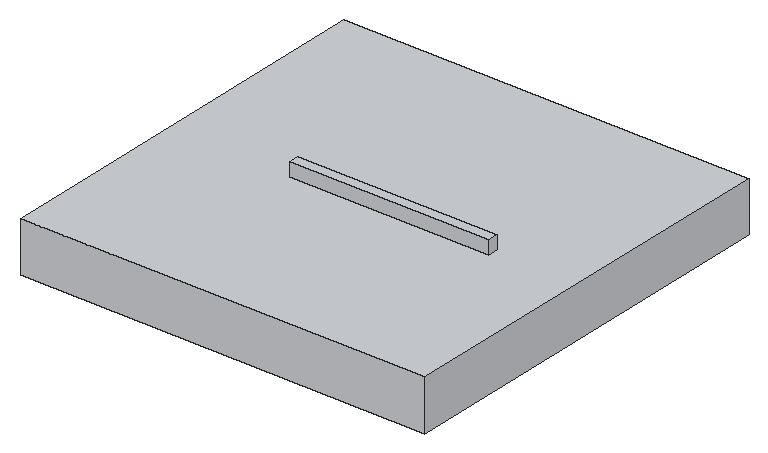
Revit family "NEPTOS", category Luminaires, Revit 2021
Family settings
  Hôte = Face
  Cote de connecteur circulaire = Utiliser le diamètre
  Type d'élément = Normal
  Couper avec des vides une fois chargée = Oui
  Source d'éclairage = Oui
  Partagée = Non
  Point de calcul de pièce = Oui
Parameters (values of type "504021")
  nbr poles = 1  # constant formula
  longueur = 1200 mm
  largeur = 63 mm
  indice de charge = Eclairage
  hauteur = 78 mm
  URL = "https://www.resistex-sa.com/fr/neptos-updown-7236lm-4000k-1193.html"
  Tension = 230 V  # constant formula
  built-in parameter 1150107 = 4000 (stored number, unit not read)
  Wattage = 58.4 W
  built-in parameter 1150110 = 1 (stored number, unit not read)
  built-in parameter 1150109 = 1 (stored number, unit not read)
  built-in parameter 1114218 = 1 (stored number, unit not read)
  built-in parameter 1150113 = 1 (stored number, unit not read)
  built-in parameter 1150112 = 1 (stored number, unit not read)
  built-in parameter 1150137 = (empty or 0)
  built-in parameter 1150132 = (empty or 0)
  Modèle = "NEPTOS UP/DOWN"
  built-in parameter 1150105 = 33628 (stored number, unit not read)
  built-in parameter 1150102 = (empty or 0)
  Type Image = (empty or 0)
  IP = "20"  # constant formula
  IK = "06"  # constant formula
  Gradation des changements de température de couleur de lampe = <Aucun>
  Garantie = "5 ans"  # constant formula
  Lumens = 422582.4 lm
  Color Filter = 16777215
  Fichier de distribution photométrique = "NEPTOS_504021_LD.ies"
  built-in parameter 1114217 = 1 (stored number, unit not read)
  built-in parameter 1150139 = (empty or 0)
  Fabricant = "Resistex"  # constant formula
  Emit from Line Length = 609.6 mm
  Default Elevation = 1219.2 mm
  built-in parameter 1150104 = 672.25 (stored number, unit not read)
  built-in parameter 1150106 = 336.28 (stored number, unit not read)
  built-in parameter 1150115 = 1 (stored number, unit not read)
  built-in parameter 1150114 = 1 (stored number, unit not read)
  Description = "Luminaire linéaire équipé dun ruban LED SMD\r\nCouleur : Blanc\r\nIP 20, IK 06\r\nLarg. 63mm x Long. 1200mm x Haut. 78mm\r\nFlux restitué 3043lm\r\nConso. système 31W\r\nEfficacité lumineuse produit complet 98lm/W\r\nLM80 L80F10 > 60000h (Ta25°C)\r\nSVM 0.003\r\nPstLM 0.006\r\nDiffuseur Polycarbonate Direct/Symétrique Semi-translucide, Corps en Aluminium\r\nIRC >80\r\nGarantie 5 ans\r\nEmpreinte carbone 1.95gCO2/h\r\nIndice de réparabilité 8,9"
  built-in parameter 1150138 = (empty or 0)
  built-in parameter 1150134 = 12
  Couleur Corp = none
  Commentaires relatifs à la puissance = "58.4"
  Apparent Load = 31.95 VA
  Tilt Angle = 60.00°
  built-in parameter 1150133 = 10 (stored number, unit not read)
Types (11, lengths in mm): name | URL | built-in parameter 1150107 | Wattage | Modèle | built-in parameter 1150105 | Lumens | Fichier de distribution photométrique | built-in parameter 1150104 | built-in parameter 1150106 | Description | built-in parameter 1150134 | Commentaires relatifs à la puissance | Apparent Load
  (no name) | "https://www.resistex-sa.com/fr/neptos-updown-7236lm-4000k-1193.html" | 4000 (stored number, unit not read) | 58.4 W | "NEPTOS UP/DOWN" | 33628 (stored number, unit not read) | 422582.4 lm | "NEPTOS_504021_LD.ies" | 672.25 (stored number, unit not read) | 336.28 (stored number, unit not read) | "Luminaire linéaire équipé dun ruban LED SMD\r\nCouleur : Blanc\r\nIP 20, IK 06\r\nLarg. 63mm x Long. 1200mm x Haut. 78mm\r\nFlux restitué 3043lm\r\nConso. système 31W\r\nEfficacité lumineuse produit complet 98lm/W\r\nLM80 L80F10 > 60000h (Ta25°C)\r\nSVM 0.003\r\nPstLM 0.006\r\nDiffuseur Polycarbonate Direct/Symétrique Semi-translucide, Corps en Aluminium\r\nIRC >80\r\nGarantie 5 ans\r\nEmpreinte carbone 1.95gCO2/h\r\nIndice de réparabilité 8,9" | 12 | "58.4" | 31.95 VA
  504000 | "https://www.resistex-sa.com/fr/neptos-3043lm-bl-3000k-754.html" | 3000 (stored number, unit not read) | 30.8 W | "NEPTOS" | 7458.4 (stored number, unit not read) | 93724.4 lm | "NEPTOS_504000_LD.ies" | 282.7 (stored number, unit not read) | 74.584 (stored number, unit not read) | "Luminaire linéaire équipé dun ruban LED SMD\r\nCouleur : Blanc\r\nIP 20, IK 06\r\nLarg. 63mm x Long. 1200mm x Haut. 78mm\r\nFlux restitué 3043lm\r\nConso. système 30.8W\r\nEfficacité lumineuse produit complet 98.7lm/W\r\nLM80 L80F10 > 60000h (Ta25°C)\r\nSVM 0.003\r\nPstLM 0.006\r\nDiffuseur Polycarbonate Direct/Symétrique Semi-translucide, Corps en Aluminium\r\nIRC >80\r\nGarantie 5 ans\r\nEmpreinte carbone 2.77gCO2/h\r\nIndice de réparabilité 8,9" | (empty or 0) | "30.8" | 32.42 VA
  504001 | "https://www.resistex-sa.com/fr/neptos-3043lm-bl-3000k-754.html" | 4000 (stored number, unit not read) | 30.8 W | "NEPTOS" | 8051.5 (stored number, unit not read) | 101178 lm | "NEPTOS_504001_LD.ies" | 305.19 (stored number, unit not read) | 80.515 (stored number, unit not read) | "Luminaire linéaire équipé dun ruban LED SMD\r\nCouleur : Blanc\r\nIP 20, IK 06\r\nLarg. 63mm x Long. 1200mm x Haut. 78mm\r\nFlux restitué 3043lm\r\nConso. système 30.8W\r\nEfficacité lumineuse produit complet 98.7lm/W\r\nLM80 L80F10 > 60000h (Ta25°C)\r\nSVM 0.003\r\nPstLM 0.006\r\nDiffuseur Polycarbonate Direct/Symétrique Semi-translucide, Corps en Aluminium\r\nIRC >80\r\nGarantie 5 ans\r\nEmpreinte carbone 2.77gCO2/h\r\nIndice de réparabilité 8,9" | 12 | "30.8" | 32.42 VA
  504004 | "https://www.resistex-sa.com/fr/neptos-3043lm-dali-bl-3000k-835.html" | 3000 (stored number, unit not read) | 31 W | "NEPTOS DALI PUSH" | 7506.8 (stored number, unit not read) | 94333 lm | "NEPTOS_504004_LD.ies" | 282.7 (stored number, unit not read) | 75.068 (stored number, unit not read) | "Luminaire linéaire équipé dun ruban LED SMD\r\nCouleur : Blanc\r\nIP 20, IK 06\r\nLarg. 63mm x Long. 1200mm x Haut. 78mm\r\nFlux restitué 3043lm\r\nConso. système 31W\r\nEfficacité lumineuse produit complet 98lm/W\r\nLM80 L80F10 > 60000h (Ta25°C)\r\nSVM 0.003\r\nPstLM 0.006\r\nDiffuseur Polycarbonate Direct/Symétrique Semi-translucide, Corps en Aluminium\r\nIRC >80\r\nGarantie 5 ans\r\nEmpreinte carbone 1.95gCO2/h\r\nIndice de réparabilité 8,9" | (empty or 0) | "31" | 31.95 VA
  504005 | "https://www.resistex-sa.com/fr/neptos-3285lm-dali-bl-4000k-836.html" | 4000 (stored number, unit not read) | 31 W | "NEPTOS DALI PUSH" | 8103.8 (stored number, unit not read) | 101835 lm | "NEPTOS_504005_LD.ies" | 305.19 (stored number, unit not read) | 81.038 (stored number, unit not read) | "Luminaire linéaire équipé dun ruban LED SMD\r\nCouleur : Blanc\r\nIP 20, IK 06\r\nLarg. 63mm x Long. 1200mm x Haut. 78mm\r\nFlux restitué 3043lm\r\nConso. système 31W\r\nEfficacité lumineuse produit complet 98lm/W\r\nLM80 L80F10 > 60000h (Ta25°C)\r\nSVM 0.003\r\nPstLM 0.006\r\nDiffuseur Polycarbonate Direct/Symétrique Semi-translucide, Corps en Aluminium\r\nIRC >80\r\nGarantie 5 ans\r\nEmpreinte carbone 1.95gCO2/h\r\nIndice de réparabilité 8,9" | 12 | "31" | 31.95 VA
  504020 | "https://www.resistex-sa.com/fr/neptos-3285lm-dali-bl-4000k-836.html" | 4000 (stored number, unit not read) | 58.4 W | "NEPTOS UP/DOWN" | 30937.2 (stored number, unit not read) | 388768.8 lm | "NEPTOS_504020_LD.ies" | 618.46 (stored number, unit not read) | 309.37 (stored number, unit not read) | "Luminaire linéaire équipé dun ruban LED SMD\r\nCouleur : Blanc\r\nIP 20, IK 06\r\nLarg. 63mm x Long. 1200mm x Haut. 78mm\r\nFlux restitué 3043lm\r\nConso. système 31W\r\nEfficacité lumineuse produit complet 98lm/W\r\nLM80 L80F10 > 60000h (Ta25°C)\r\nSVM 0.003\r\nPstLM 0.006\r\nDiffuseur Polycarbonate Direct/Symétrique Semi-translucide, Corps en Aluminium\r\nIRC >80\r\nGarantie 5 ans\r\nEmpreinte carbone 1.95gCO2/h\r\nIndice de réparabilité 8,9" | 12 | "58.4" | 31.95 VA
  504021 | "https://www.resistex-sa.com/fr/neptos-updown-7236lm-4000k-1193.html" | 4000 (stored number, unit not read) | 58.4 W | "NEPTOS UP/DOWN" | 33628 (stored number, unit not read) | 422582.4 lm | "NEPTOS_504021_LD.ies" | 672.25 (stored number, unit not read) | 336.28 (stored number, unit not read) | "Luminaire linéaire équipé dun ruban LED SMD\r\nCouleur : Blanc\r\nIP 20, IK 06\r\nLarg. 63mm x Long. 1200mm x Haut. 78mm\r\nFlux restitué 3043lm\r\nConso. système 31W\r\nEfficacité lumineuse produit complet 98lm/W\r\nLM80 L80F10 > 60000h (Ta25°C)\r\nSVM 0.003\r\nPstLM 0.006\r\nDiffuseur Polycarbonate Direct/Symétrique Semi-translucide, Corps en Aluminium\r\nIRC >80\r\nGarantie 5 ans\r\nEmpreinte carbone 1.95gCO2/h\r\nIndice de réparabilité 8,9" | 12 | "58.4" | 31.95 VA
  504013 | "https://www.resistex-sa.com/fr/neptos-3728lm-ir-pre-pil-bt-bp-bl-3000k-1082.html" | 3000 (stored number, unit not read) | 31.3 W | "NEPTOS DETEC BLUEROOTH" | 9285.6 (stored number, unit not read) | 116686.4 lm | "NEPTOS_504013_LD.ies" | 346.34 (stored number, unit not read) | 92.856 (stored number, unit not read) | "Luminaire linéaire équipé d'un ruban LED SMD avec détecteur IR intégré CAPTILUX\r\nDétection IR/Pilotée/Préavis d'extinction\r\nCouleur : Blanc\r\nIP 20, IK 06\r\nLarg. 50mm x Long. 1200mm x Haut. 70mm\r\nFlux restitué 3728lm\r\nConso. système 31.3W\r\nEfficacité lumineuse produit complet 119.1lm/W\r\nLM80 L80F10 > 60000h (Ta25°C)\r\nSVM 0.003\r\nPstLM 0.006\r\nDiffuseur Polycarbonate Direct/Symétrique Semi-translucide, Corps en Aluminium\r\nIRC >80\r\nGarantie 5 ans\r\nEmpreinte carbone 1.17gCO2/h\r\nIndice de réparabilité 8,9" | (empty or 0) | "31.3" | 32.94 VA
  504011 | "https://www.resistex-sa.com/fr/neptos-3728lm-ir-pre-pil-bt-bp-bl-3000k-1082.html" | 3000 (stored number, unit not read) | 31.3 W | "NEPTOS DETEC BLUEROOTH" | 9285.6 (stored number, unit not read) | 116686.4 lm | "NEPTOS_504013_LD.ies" | 346.34 (stored number, unit not read) | 92.856 (stored number, unit not read) | "Luminaire linéaire équipé d'un ruban LED SMD avec détecteur IR intégré CAPTILUX\r\nDétection IR/Pilotée/Préavis d'extinction\r\nCouleur : Blanc\r\nIP 20, IK 06\r\nLarg. 50mm x Long. 1200mm x Haut. 70mm\r\nFlux restitué 3728lm\r\nConso. système 31.3W\r\nEfficacité lumineuse produit complet 119.1lm/W\r\nLM80 L80F10 > 60000h (Ta25°C)\r\nSVM 0.003\r\nPstLM 0.006\r\nDiffuseur Polycarbonate Direct/Symétrique Semi-translucide, Corps en Aluminium\r\nIRC >80\r\nGarantie 5 ans\r\nEmpreinte carbone 1.17gCO2/h\r\nIndice de réparabilité 8,9" | (empty or 0) | "31.3" | 32.94 VA
  504015 | "https://www.resistex-sa.com/fr/neptos-3043lm-ir-pre-pil-bt-bp-bl-3000k-1084.html" | 3000 (stored number, unit not read) | 30.8 W | "NEPTOS DETEC BLUETHOOTH CAPTILUX" | 7458.4 (stored number, unit not read) | 93724.4 lm | "NEPTOS_504015_LD.ies" | 282.7 (stored number, unit not read) | 74.584 (stored number, unit not read) | "Luminaire linéaire équipé dun ruban LED SMD avec détecteur IR intégré CAPTILUX\r\nDétection IR/Pilotée/Préavis d'extinction\r\nCouleur : Blanc\r\nIP 20, IK 06\r\nLarg. 50mm x Long. 1200mm x Haut. 70mm\r\nFlux restitué 3285lm\r\nConso. système 30.8W\r\nEfficacité lumineuse produit complet 106.6lm/W\r\nLM80 L80F10 > 60000h (Ta25°C)\r\nSVM 0.003\r\nPstLM 0.006\r\nDiffuseur Polycarbonate Direct/Symétrique Semi-translucide, Corps en Aluminium\r\nIRC >80\r\nGarantie 5 ans\r\nEmpreinte carbone 1.16gCO2/h\r\nIndice de réparabilité 8,9" | (empty or 0) | "30.8" | 32.42 VA
  504014 | "https://www.resistex-sa.com/fr/neptos-3285lm-ir-pre-pil-bt-bp-bl-4000k-1083.html" | 4000 (stored number, unit not read) | 30.8 W | "NEPTOS DETEC BUETOOTH CAPTILUX" | 8051.5 (stored number, unit not read) | 101178 lm | "NEPTOS_504014_LD.ies" | 305.19 (stored number, unit not read) | 80.515 (stored number, unit not read) | "Luminaire linéaire équipé dun ruban LED SMD avec détecteur IR intégré CAPTILUX\r\nDétection IR/Pilotée/Préavis d'extinction\r\nCouleur : Blanc\r\nIP 20, IK 06\r\nLarg. 50mm x Long. 1200mm x Haut. 70mm\r\nFlux restitué 3285lm\r\nConso. système 30.8W\r\nEfficacité lumineuse produit complet 106.6lm/W\r\nLM80 L80F10 > 60000h (Ta25°C)\r\nSVM 0.003\r\nPstLM 0.006\r\nDiffuseur Polycarbonate Direct/Symétrique Semi-translucide, Corps en Aluminium\r\nIRC >80\r\nGarantie 5 ans\r\nEmpreinte carbone 1.16gCO2/h\r\nIndice de réparabilité 8,9" | 12 | "30.8" | 32.42 VA
Reference planes
  plane 1 "Centre (avant/arrière)": y = 0
  plane 2: z = 0
  plane 3 "Centre (gauche/droite)": x = 0
  plane 4: x = -600
  plane 5: x = -527.875
  plane 6: x = 600
  plane 7: x = 527.875
  plane 8: y = -31.5
  plane 9: y = -63
  plane 10 "debut krea": z = 0
  plane 11: z = 78
Forms (mm)
  Extrusion 1, solid
    sketch origin (-120.8, 50.8, 0) x (1, 0, 0) y (0, 1, 0)
      loop
        line (-1219.2, 1219.2) -> (-1219.2, -1219.2) -> (1219.2, -1219.2) -> (1219.2, 1219.2) -> (-1219.2, 1219.2)
    from 0 to -304.8
  Extrusion 2, solid, material <- "Couleur Corp"
    sketch origin (0, 0, 0) x (-1, 0, 0) y (0, -1, 0)
      loop
        line (600, 0) -> (600, 63) -> (-600, 63) -> (-600, 0) -> (600, 0)
    from 0 to 78
Dimensions and locks
  equal spacing: plane 9, plane 8, plane 1 "Centre (avant/arrière)"
  equal spacing: plane 4, plane 3 "Centre (gauche/droite)", plane 6
  locked: plane 4 to plane 5 at 72.125
  locked: plane 7 to plane 6 at 72.125
  "largeur": plane 1 "Centre (avant/arrière)" to plane 9
  "longueur": plane 4 to plane 6
  "hauteur": plane 11 to plane 10 "debut krea"
  aligned and locked: plane 2 to Extrusion 1
  aligned and locked: level to Extrusion 1
  aligned and locked: plane 1 "Centre (avant/arrière)" to Extrusion 2 sketch curve
  aligned and locked: plane 4 to Extrusion 2 sketch curve
  aligned and locked: plane 9 to Extrusion 2 sketch curve
  aligned and locked: plane 6 to Extrusion 2 sketch curve
  aligned and locked: plane 11 to Extrusion 2
  aligned and locked: Extrusion 2 to imposter light
  aligned and locked: plane 10 "debut krea" to level
Automatic sketch dimensions
  Extrusion 1 sketch curve to Extrusion 1 sketch curve = 2438.4 mm  (x2)
Connectors
  electrical at (0, -31.5, 0), driven by "nbr poles", driven by "indice de charge", driven by "Tension", driven by "Apparent Load"
    settings: on Extrusion 2, index 1, voltage 230 V, apparent load 31.95 VA, apparent load phase1 0 VA, apparent load phase2 0 VA, apparent load phase3 0 VA, power factor 1, load classification "Eclairage", number of poles 1, system type 30, power factor state 1, is connector primary yes, connector utility no, sub classification motor no, connector description ""
